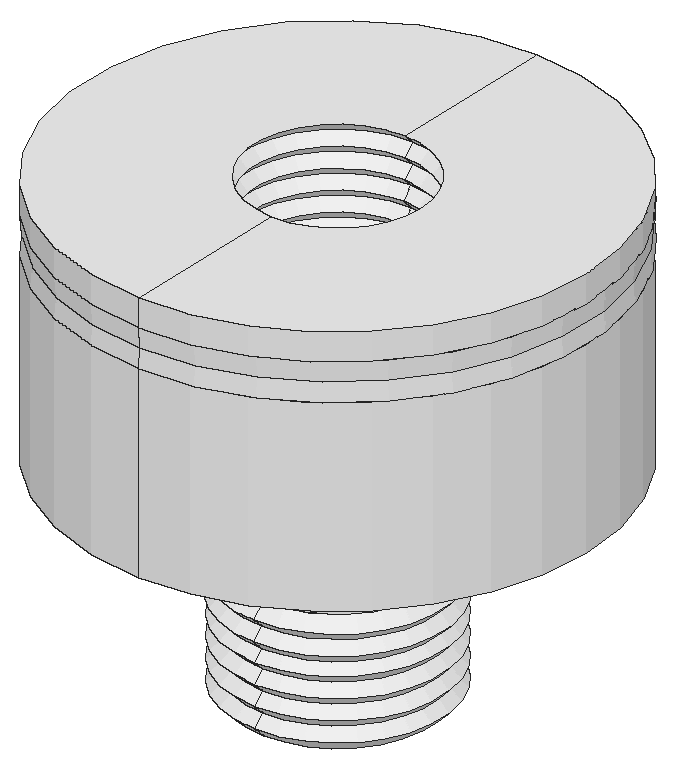
Revit family "Shower_Vacuum-Breaker-American_Standard-1660.400", category Plumbing Fixtures, host Face, Revit 2014
Parameters (values of type "1660.400")
  Width = 2 5/8"  # constant formula
  Water Connection Radius = Water Connection Diameter / 2  # 1/4"
  Water Connection Diameter = 1/2"  # constant formula
  Waste Connection = no
  Warranty Information = "One Year Limited Warranty"  # constant formula
  WFU = 4
  Vent Connection = no
  URL = "https://www.americanstandard-us.com/"
  Type Comments = ""
  Product Page URL = "https://www.americanstandard-us.com/bathroom/shower-faucets/in-line-vacuum-breaker-17034"
  Product Documentation Link = "https://www.americanstandard-us.com/-/media/sites/asus/files/product-specs/bulk/specsheet1660400.pdf?la=en"
  Price = "Prices may vary. Please consult Manufacturer Representative for most up-to-date price list."  # constant formula
  Model = "1660.400"  # constant formula
  Material = "Brass-American Standard-002-Polished Chrome"
  Manufacturer = "American Standard"  # constant formula
  Length = 2"  # constant formula
  Installation Type = "Wall Mounted"  # constant formula
  HWFU = 3
  HW Connection = yes
  Finish = Brass-American Standard-002-Polished Chrome
  Description = " Vacuum Breaker Attaches between supply outlet and personal shower hose."  # constant formula
  Default Elevation = 60"  # constant formula
  Creation Date = "02/01/2018"  # constant formula
  CWFU = 3
  CW Connection = yes
  Assembly Code = "D2010700"
Reference planes (in)
  plane 1 "Center (Front/Back)": y = 0
  plane 2: z = 0
  plane 3 "Center (Left/Right)": x = 0
  plane 4: z = 1.25
  plane 5: z = 2
  plane 6: y = -1.07802
  plane 7: y = 1.55479
  plane 8: z = 1.53829
  plane 9: z = 0.96171
  plane 10: y = 0.27318
  plane 11: y = -0.28438
Forms (in)
  Revolve 1, solid, material "Brass-American Standard-002-Polished Chrome" <- "Finish"
    sketch origin (0, 1.25, 0.84343) x (0, 0, 1) y (0, -1, 0)
      loop
        line (-0.21493, 1.53438) -> (-0.48388, 1.53438) -> (-0.5185, 1.56901) -> (-0.54832, 1.5392) -> (-0.57813, 1.56901) -> (-0.60794, 1.5392) -> (-0.63385, 1.5651) -> (-0.66366, 1.53529) -> (-0.69347, 1.5651) -> (-0.72328, 1.53529) -> (-0.75309, 1.5651) -> (-0.7829, 1.53529) -> (-0.81271, 1.5651) -> (-0.84432, 1.5335) -> (-0.84432, 1.5) -> (0.18033, 1.5) -> (0.21105, 1.53072) -> (0.24086, 1.50091) -> (0.27067, 1.53072) -> (0.30048, 1.50091) -> (0.3303, 1.53072) -> (0.36011, 1.50091) -> (0.38992, 1.53072) -> (0.41582, 1.50481) -> (0.44564, 1.53462) -> (0.47545, 1.50481) -> (0.50526, 1.53462) -> (0.53507, 1.50481) -> (0.53507, 2) -> (0.45463, 2) -> (0.39904, 1.99613) -> (0.34444, 2) -> (-0.21493, 2) -> (-0.21493, 1.53438)
      axis (-0.84432, 1.2556) -> (0.53507, 1.2556)
    angle from 0 to 360
Lines and regions (in)
  Masking region 1
    outline origin (0, 0, 0) x (1, 0, 0) y (0, 0, 1)
      loop
        line (0.27878, 0.6285) -> (0.7444, 0.6285) -> (0.7444, 1.3785) -> (-0.7444, 1.3785) -> (-0.7444, 0.6285) -> (-0.27878, 0.6285) -> (-0.27878, 0.35955) -> (-0.31341, 0.32493) -> (-0.28359, 0.29512) -> (-0.31341, 0.2653) -> (-0.28359, 0.23549) -> (-0.3095, 0.20959) -> (-0.27969, 0.17978) -> (-0.3095, 0.14996) -> (-0.27969, 0.12015) -> (-0.3095, 0.09034) -> (-0.27969, 0.06053) -> (-0.3095, 0.03072) -> (-0.2779, -0.00088) -> (0.2779, -0.00088) -> (0.3095, 0.03072) -> (0.27969, 0.06053) -> (0.3095, 0.09034) -> (0.27969, 0.12015) -> (0.3095, 0.14996) -> (0.27969, 0.17978) -> (0.3095, 0.20959) -> (0.28359, 0.23549) -> (0.31341, 0.2653) -> (0.28359, 0.29512) -> (0.31341, 0.32493) -> (0.27878, 0.35955) -> (0.27878, 0.6285)
  symbolic lines, detail levels fine
    curve 1: line (0.28269, 0, 0.29512) -> (-0.28269, 0, 0.29512)
    curve 2: line (0.3125, 0, 0.32493) -> (-0.3125, 0, 0.32493)
    curve 3: line (0.3125, 0, 0.2653) -> (-0.3125, 0, 0.2653)
    curve 4: line (0.28269, 0, 0.23549) -> (-0.28269, 0, 0.23549)
    curve 5: line (0.30859, 0, 0.20959) -> (-0.30859, 0, 0.20959)
    curve 6: line (0.27878, 0, 0.17978) -> (-0.27878, 0, 0.17978)
    curve 7: line (0.30859, 0, 0.14996) -> (-0.30859, 0, 0.14996)
    curve 8: line (0.27878, 0, 0.12015) -> (-0.27878, 0, 0.12015)
    curve 9: line (0.30859, 0, 0.09034) -> (-0.30859, 0, 0.09034)
    curve 10: line (0.27878, 0, 0.06053) -> (-0.27878, 0, 0.06053)
    curve 11: line (0.30859, 0, 0.03072) -> (-0.30859, 0, 0.03072)
    curve 14: line (0.7444, 0, 1.29807) -> (-0.7444, 0, 1.29807)
    curve 15: line (0.7444, 0, 1.18787) -> (-0.7444, 0, 1.18787)
  symbolic lines, detail levels medium+fine
    curve 12: line (0.27878, 0, 0.35955) -> (-0.27878, 0, 0.35955)
    curve 13: line (0.74053, 0, 1.24248) -> (-0.74053, 0, 1.24248)
    curve 16: line (0.27878, 0, 0.6285) -> (-0.27878, 0, 0.6285)
Dimensions and locks (in)
  plane 2 to plane 4 = 1 1/4"
  "Length": plane 2 to plane 5
  plane 7 to plane 1 "Center (Front/Back)" to plane 6 = 1.55479", 1.07802"
  plane 7 to plane 6 = 2 81/128"
  plane 8 to plane 9 = 0.57658"
  plane 10 to plane 11 = 0.55756"
  aligned and locked: plane 2 to host face
  aligned and locked: level to host face
  aligned and locked: Revolve 1 to Masking region 1 sketch curve
  aligned and locked: Masking region 1 sketch curve to Revolve 1
Automatic sketch dimensions
  host sketch curve to host sketch curve = 96"  (x2)
  Revolve 1 sketch curve to plane 11 = 0"
  Revolve 1 sketch curve to level = 0.00088"
  level to Revolve 1 sketch curve = 0.03072"
  Revolve 1 sketch curve to Revolve 1 sketch curve = 0.02981"  (x3)
  plane 1 "Center (Front/Back)" to Revolve 1 sketch curve = 0.28529"  (x2)
  plane 1 "Center (Front/Back)" to Revolve 1 sketch curve = 0.3151"  (x2)
  plane 1 "Center (Front/Back)" to Revolve 1 sketch curve = 0.2892"  (x2)
  plane 1 "Center (Front/Back)" to Revolve 1 sketch curve = 0.31901"  (x2)
  Revolve 1 sketch curve to Revolve 1 sketch curve = 0.26895"
  plane 9 to Revolve 1 sketch curve = 0.06205"
  plane 11 to Revolve 1 sketch curve = 0.00367"  (x4)
  Revolve 1 sketch curve to Revolve 1 sketch curve = 0.03072"
  plane 11 to Revolve 1 sketch curve = 0.03348"  (x3)
  plane 4 to Revolve 1 sketch curve = 0.06213"
  plane 4 to Revolve 1 sketch curve = 0.00752"
  Revolve 1 sketch curve to plane 4 = 0.00926"
  Revolve 1 sketch curve to plane 11 = 0.00024"  (x2)
  Revolve 1 sketch curve to plane 4 = 0.04807"
  plane 11 to Revolve 1 sketch curve = 0.02957"  (x2)
  plane 6 to Revolve 1 sketch curve = 0.33189"
  plane 6 to Revolve 1 sketch curve = 0.32802"
  Revolve 1 sketch curve to Revolve 1 sketch curve = 0.00387"
  plane 1 "Center (Front/Back)" to Revolve 1 sketch curve = 0.2835"
  plane 1 "Center (Front/Back)" to Revolve 1 sketch curve = 0.0056"
  plane 8 to Revolve 1 sketch curve = 0.10788"
  Revolve 1 sketch curve to plane 5 = 0.854"
  Revolve 1 sketch curve to Revolve 1 sketch curve = 0.0316"
  curve 14 to plane 4 = 0.04807"
  curve 14 to plane 3 "Center (Left/Right)" = 0.7444"
  curve 14 to curve 15 = 0"
  plane 4 to curve 13 = 0.00752"
  curve 15 to curve 13 = 0.00387"
  curve 2 to plane 3 "Center (Left/Right)" = 5/16"
  curve 2 to curve 3 = 0"
  curve 3 to curve 7 = 1/256"
  curve 7 to curve 9 = 0"
  curve 3 to curve 5 = 1/256"
  curve 9 to curve 11 = 0"
  curve 3 to curve 1 = 0.02981"  (x2)
  curve 5 to curve 4 = 0.02591"  (x2)
  curve 11 to curve 10 = 0.02981"
  curve 2 to curve 12 = 0.03372"
  curve 16 to curve 12 = 0"
  curve 7 to curve 6 = 0.02981"  (x2)
  curve 9 to curve 8 = 0.02981"  (x2)
  level to curve 8 = 0.12015"
  plane 3 "Center (Left/Right)" to curve 8 = 0.27878"
  curve 8 to curve 10 = 0"
  curve 6 to curve 8 = 0"
  plane 3 "Center (Left/Right)" to curve 16 = 0.27878"
  curve 12 to curve 6 = 0"
  curve 6 to curve 4 = 1/256"
  curve 1 to curve 4 = 0"
  curve 10 to curve 11 = 0.02981"
  curve 4 to curve 5 = 0.02591"
  curve 6 to curve 7 = 0.02981"
  curve 8 to curve 9 = 0.02981"
  curve 1 to curve 2 = 0.02981"  (x2)
  curve 1 to curve 3 = 0.02981"
  plane 3 "Center (Left/Right)" to curve 13 = 0.74053"
  curve 13 to curve 15 = 0.00387"
  curve 13 to curve 14 = 0.00387"
  curve 15 to curve 13 = 0.0546"
  curve 16 to plane 9 = 0.33321"
  curve 8 to curve 12 = 0.2394"
  curve 2 to curve 12 = 0.03462"
  curve 4 to curve 3 = 0.02981"
  curve 6 to curve 5 = 0.02981"
  curve 10 to curve 9 = 0.02981"
  level to curve 11 = 0.03072"
  Masking region 1 sketch curve to level = 0.00088"
  Masking region 1 sketch curve to plane 3 "Center (Left/Right)" = 0.2779"
  level to Masking region 1 sketch curve = 0.06053"  (x2)
  Masking region 1 sketch curve to Masking region 1 sketch curve = 0.00179"  (x2)
  Masking region 1 sketch curve to Masking region 1 sketch curve = 0"  (x4)
  Masking region 1 sketch curve to Masking region 1 sketch curve = 1/256"  (x3)
  level to Masking region 1 sketch curve = 0.20959"  (x2)
  Masking region 1 sketch curve to Masking region 1 sketch curve = 0.02591"  (x2)
  level to Masking region 1 sketch curve = 0.03072"  (x2)
  level to Masking region 1 sketch curve = 0.14996"  (x2)
  level to Masking region 1 sketch curve = 0.2653"  (x2)
  Masking region 1 sketch curve to plane 4 = 0.1285"
  Masking region 1 sketch curve to plane 3 "Center (Left/Right)" = 0.7444"
  plane 3 "Center (Left/Right)" to Masking region 1 sketch curve = 0.2779"
  Masking region 1 sketch curve to Masking region 1 sketch curve = 0.00481"
  Masking region 1 sketch curve to Masking region 1 sketch curve = 0.02981"  (x2)
  Masking region 1 sketch curve to Masking region 1 sketch curve = 0.46562"
  Masking region 1 sketch curve to Masking region 1 sketch curve = 0.03462"
  plane 3 "Center (Left/Right)" to Masking region 1 sketch curve = 0.27878"
Connectors (in)
  piping at (0, -0.0056, -0.00088), diameter 0.5, driven by "Water Connection Diameter"
    settings: on Revolve 1, index 1, connector inside diameter 24", connector length 0", flow factor 0, pipe flow 0 GPM, pressure drop 0.00 psi, fitting loss kfactor 0, connector angle 0.00°, fixture units 0, engagement length 0", angle of deflection 0.00°, flow configuration 0, flow direction 1, fitting loss method 0, system type 29, joint type 0, gender type 0, connector reference index -1, connector utility 0, adjustable connector no, is connector primary yes, connector description "1/2\" Global Inlet Connection"
  piping at (0, -0.0056, 1.3785), diameter 0.5, driven by "Water Connection Diameter"
    settings: on Revolve 1, index 2, connector inside diameter 24", connector length 0", flow factor 0, pipe flow 0 GPM, pressure drop 0.00 psi, fitting loss kfactor 0, connector angle 0.00°, fixture units 0, engagement length 0", angle of deflection 0.00°, flow configuration 0, flow direction 2, fitting loss method 0, system type 29, joint type 0, gender type 0, connector reference index -1, connector utility 0, adjustable connector no, is connector primary no, connector description "1/2\" Hand Shower Outlet"
